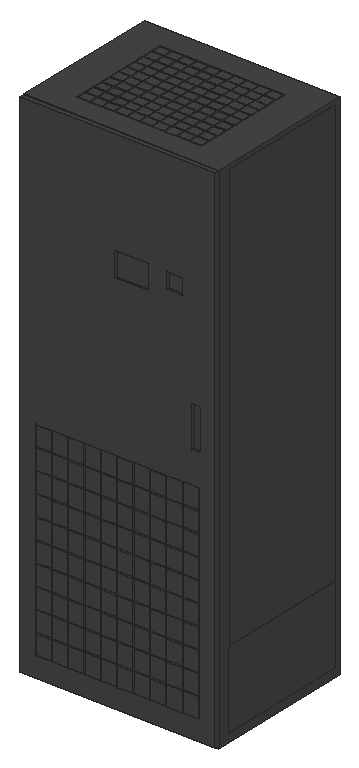
Revit family "OP 71-20", category Modelli generici, Revit 2017 (continued)
Dimensions and locks
  aligned and locked: Extrusion 7 sketch curve to curve 584
  aligned and locked: Extrusion 7 sketch curve to curve 585
  aligned and locked: Extrusion 7 sketch curve to curve 586
  aligned and locked: Extrusion 7 sketch curve to curve 587
  aligned and locked: Extrusion 7 sketch curve to curve 588
  aligned and locked: Extrusion 7 sketch curve to curve 589
  aligned and locked: Extrusion 7 sketch curve to curve 590
  aligned and locked: Extrusion 7 sketch curve to curve 591
  aligned and locked: Extrusion 7 sketch curve to curve 592
  aligned and locked: Extrusion 7 sketch curve to curve 593
  aligned and locked: Extrusion 7 sketch curve to curve 594
  aligned and locked: Extrusion 7 sketch curve to curve 595
  aligned and locked: Extrusion 7 sketch curve to curve 596
  aligned and locked: Extrusion 7 sketch curve to curve 597
  aligned and locked: Extrusion 7 sketch curve to curve 598
  aligned and locked: Extrusion 7 sketch curve to curve 599
  aligned and locked: Extrusion 7 sketch curve to curve 600
  aligned and locked: Extrusion 7 sketch curve to curve 601
  aligned and locked: Extrusion 7 sketch curve to curve 602
  aligned and locked: Extrusion 7 sketch curve to curve 603
  aligned and locked: Extrusion 7 sketch curve to curve 604
  aligned and locked: Extrusion 7 sketch curve to curve 605
  aligned and locked: Extrusion 7 sketch curve to curve 606
  aligned and locked: Extrusion 7 sketch curve to curve 607
  aligned and locked: Extrusion 7 sketch curve to curve 608
  aligned and locked: Extrusion 7 sketch curve to curve 609
  aligned and locked: Extrusion 7 sketch curve to curve 610
  aligned and locked: Extrusion 7 sketch curve to curve 611
  aligned and locked: Extrusion 7 sketch curve to curve 612
  aligned and locked: Extrusion 7 sketch curve to curve 613
  aligned and locked: Extrusion 7 sketch curve to curve 614
  aligned and locked: Extrusion 7 sketch curve to curve 615
  aligned and locked: Extrusion 7 sketch curve to curve 616
  aligned and locked: Extrusion 7 sketch curve to curve 617
  aligned and locked: Extrusion 7 sketch curve to curve 618
  aligned and locked: Extrusion 7 sketch curve to curve 619
  aligned and locked: Extrusion 7 sketch curve to curve 620
  aligned and locked: Extrusion 7 sketch curve to curve 621
  aligned and locked: Extrusion 7 sketch curve to curve 622
  aligned and locked: Extrusion 7 sketch curve to curve 623
  aligned and locked: Extrusion 7 sketch curve to curve 624
  aligned and locked: Extrusion 7 sketch curve to curve 625
  aligned and locked: Extrusion 7 sketch curve to curve 626
  aligned and locked: Extrusion 7 sketch curve to curve 627
  aligned and locked: Extrusion 7 sketch curve to curve 628
  aligned and locked: Extrusion 7 sketch curve to curve 629
  aligned and locked: Extrusion 7 sketch curve to curve 630
  aligned and locked: Extrusion 7 sketch curve to curve 631
  aligned and locked: Extrusion 7 sketch curve to curve 632
  aligned and locked: Extrusion 7 sketch curve to curve 633
  aligned and locked: Extrusion 7 sketch curve to curve 634
  aligned and locked: Extrusion 7 sketch curve to curve 635
  aligned and locked: Extrusion 7 sketch curve to curve 636
  aligned and locked: Extrusion 7 sketch curve to curve 637
  aligned and locked: Extrusion 7 sketch curve to curve 638
  aligned and locked: Extrusion 7 sketch curve to curve 639
  aligned and locked: Extrusion 7 sketch curve to curve 640
  aligned and locked: Extrusion 7 sketch curve to curve 641
  aligned and locked: Extrusion 7 sketch curve to curve 642
  aligned and locked: Extrusion 7 sketch curve to curve 643
  aligned and locked: Extrusion 7 sketch curve to curve 644
  aligned and locked: Extrusion 7 sketch curve to curve 645
  aligned and locked: Extrusion 7 sketch curve to curve 646
  aligned and locked: Extrusion 7 sketch curve to curve 647
  aligned and locked: Extrusion 7 sketch curve to curve 648
  aligned and locked: Extrusion 7 sketch curve to curve 649
  aligned and locked: Extrusion 7 sketch curve to curve 650
  aligned and locked: Extrusion 7 sketch curve to curve 651
  aligned and locked: Extrusion 7 sketch curve to curve 652
  aligned and locked: Extrusion 7 sketch curve to curve 653
  aligned and locked: Extrusion 7 sketch curve to curve 654
  aligned and locked: Extrusion 7 sketch curve to curve 655
  aligned and locked: Extrusion 7 sketch curve to curve 656
  aligned and locked: Extrusion 7 sketch curve to curve 657
  aligned and locked: Extrusion 7 sketch curve to curve 658
  aligned and locked: Extrusion 7 sketch curve to curve 659
  aligned and locked: Extrusion 7 sketch curve to curve 660
  aligned and locked: Extrusion 7 sketch curve to curve 661
  aligned and locked: Extrusion 7 sketch curve to curve 662
  aligned and locked: Extrusion 7 sketch curve to curve 663
  aligned and locked: Extrusion 7 sketch curve to curve 664
  aligned and locked: Extrusion 7 sketch curve to curve 665
  aligned and locked: Extrusion 7 sketch curve to curve 666
  aligned and locked: Extrusion 7 sketch curve to curve 667
  aligned and locked: Extrusion 7 sketch curve to curve 668
  aligned and locked: Extrusion 7 sketch curve to curve 669
  aligned and locked: Extrusion 7 sketch curve to curve 670
  aligned and locked: Extrusion 7 sketch curve to curve 671
  aligned and locked: Extrusion 7 sketch curve to curve 672
  aligned and locked: Extrusion 7 sketch curve to curve 673
  aligned and locked: Extrusion 7 sketch curve to curve 674
  aligned and locked: Extrusion 7 sketch curve to curve 675
  aligned and locked: Extrusion 7 sketch curve to curve 676
  aligned and locked: Extrusion 7 sketch curve to curve 677
  aligned and locked: Extrusion 7 sketch curve to curve 678
  aligned and locked: Extrusion 7 sketch curve to curve 679
  aligned and locked: Extrusion 7 sketch curve to curve 680
  aligned and locked: Extrusion 7 sketch curve to curve 681
  aligned and locked: Extrusion 7 sketch curve to curve 682
  aligned and locked: Extrusion 7 sketch curve to curve 683
  aligned and locked: Extrusion 7 sketch curve to curve 684
  aligned and locked: Extrusion 7 sketch curve to curve 685
  aligned and locked: Extrusion 7 sketch curve to curve 686
  aligned and locked: Extrusion 7 sketch curve to curve 687
  aligned and locked: Extrusion 7 sketch curve to curve 688
  aligned and locked: Extrusion 7 sketch curve to curve 689
  aligned and locked: Extrusion 7 sketch curve to curve 690
  aligned and locked: Extrusion 7 sketch curve to curve 691
  aligned and locked: Extrusion 7 sketch curve to curve 692
  aligned and locked: Extrusion 7 sketch curve to curve 693
  aligned and locked: Extrusion 7 sketch curve to curve 694
  aligned and locked: Extrusion 7 sketch curve to curve 695
  aligned and locked: Extrusion 7 sketch curve to curve 696
  aligned and locked: Extrusion 7 sketch curve to curve 697
  aligned and locked: Extrusion 7 sketch curve to curve 698
  aligned and locked: Extrusion 7 sketch curve to curve 699
  aligned and locked: Extrusion 7 sketch curve to curve 700
  aligned and locked: Extrusion 7 sketch curve to curve 701
  aligned and locked: Extrusion 7 sketch curve to curve 702
  aligned and locked: Extrusion 7 sketch curve to curve 703
  aligned and locked: Extrusion 7 sketch curve to curve 704
  aligned and locked: Extrusion 7 sketch curve to curve 705
  aligned and locked: Extrusion 7 sketch curve to curve 706
  aligned and locked: Extrusion 7 sketch curve to curve 707
  aligned and locked: Extrusion 7 sketch curve to curve 708
  aligned and locked: Extrusion 7 sketch curve to curve 709
  aligned and locked: Extrusion 7 sketch curve to curve 710
  aligned and locked: Extrusion 7 sketch curve to curve 711
  aligned and locked: Extrusion 7 sketch curve to curve 712
  aligned and locked: Extrusion 7 sketch curve to curve 713
  aligned and locked: Extrusion 7 sketch curve to curve 714
  aligned and locked: Extrusion 7 sketch curve to curve 715
  aligned and locked: Extrusion 7 sketch curve to curve 716
  aligned and locked: Extrusion 7 sketch curve to curve 717
  aligned and locked: Extrusion 7 sketch curve to curve 718
  aligned and locked: Extrusion 7 sketch curve to curve 719
  aligned and locked: Extrusion 7 sketch curve to curve 720
  aligned and locked: Extrusion 7 sketch curve to curve 721
  aligned and locked: Extrusion 7 sketch curve to curve 722
  aligned and locked: Extrusion 7 sketch curve to curve 723
  aligned and locked: Extrusion 7 sketch curve to curve 724
  aligned and locked: Extrusion 7 sketch curve to curve 725
  aligned and locked: Extrusion 7 sketch curve to curve 726
  aligned and locked: Extrusion 7 sketch curve to curve 727
  aligned and locked: Extrusion 7 sketch curve to curve 728
  aligned and locked: Extrusion 7 sketch curve to curve 729
  aligned and locked: Extrusion 7 sketch curve to curve 730
  aligned and locked: Extrusion 7 sketch curve to curve 731
  aligned and locked: Extrusion 7 sketch curve to curve 732
  aligned and locked: Extrusion 7 sketch curve to curve 733
  aligned and locked: Extrusion 7 sketch curve to curve 734
  aligned and locked: Extrusion 7 sketch curve to curve 735
  aligned and locked: Extrusion 7 sketch curve to curve 736
  aligned and locked: Extrusion 7 sketch curve to curve 737
  aligned and locked: Extrusion 7 sketch curve to curve 738
  aligned and locked: Extrusion 7 sketch curve to curve 739
  aligned and locked: Extrusion 7 sketch curve to curve 740
  aligned and locked: Extrusion 7 sketch curve to curve 741
  aligned and locked: Extrusion 7 sketch curve to curve 742
  aligned and locked: Extrusion 7 sketch curve to curve 743
  aligned and locked: Extrusion 7 sketch curve to curve 744
  aligned and locked: Extrusion 7 sketch curve to curve 745
  aligned and locked: Extrusion 7 sketch curve to curve 746
  aligned and locked: Extrusion 7 sketch curve to curve 747
  aligned and locked: Extrusion 7 sketch curve to curve 748
  aligned and locked: Extrusion 7 sketch curve to curve 749
  aligned and locked: Extrusion 7 sketch curve to curve 750
  aligned and locked: Extrusion 7 sketch curve to curve 751
  aligned and locked: Extrusion 7 sketch curve to curve 752
  aligned and locked: Extrusion 7 sketch curve to curve 753
  aligned and locked: Extrusion 7 sketch curve to curve 754
  aligned and locked: Extrusion 7 sketch curve to curve 755
  aligned and locked: Extrusion 7 sketch curve to curve 756
  aligned and locked: Extrusion 7 sketch curve to curve 757
  aligned and locked: Extrusion 7 sketch curve to curve 758
  aligned and locked: Extrusion 7 sketch curve to curve 759
  aligned and locked: Extrusion 7 sketch curve to curve 760
  aligned and locked: Extrusion 7 sketch curve to curve 761
  aligned and locked: Extrusion 7 sketch curve to curve 762
  aligned and locked: Extrusion 7 sketch curve to curve 763
  aligned and locked: Extrusion 7 sketch curve to curve 764
  aligned and locked: Extrusion 7 sketch curve to curve 765
  aligned and locked: Extrusion 7 sketch curve to curve 766
  aligned and locked: Extrusion 7 sketch curve to curve 767
  aligned and locked: Extrusion 7 sketch curve to curve 768
  aligned and locked: Extrusion 7 sketch curve to curve 769
  aligned and locked: Extrusion 7 sketch curve to curve 770
  aligned and locked: Extrusion 7 sketch curve to curve 771
  aligned and locked: Extrusion 7 sketch curve to curve 772
  aligned and locked: Extrusion 7 sketch curve to curve 773
  aligned and locked: Extrusion 7 sketch curve to curve 774
  aligned and locked: Extrusion 7 sketch curve to curve 775
  aligned and locked: Extrusion 7 sketch curve to curve 776
  aligned and locked: Extrusion 7 sketch curve to curve 777
  aligned and locked: Extrusion 7 sketch curve to curve 778
  aligned and locked: Extrusion 7 sketch curve to curve 779
  aligned and locked: Extrusion 7 sketch curve to curve 780
  aligned and locked: Extrusion 7 sketch curve to curve 781
  aligned and locked: Extrusion 7 sketch curve to curve 782
  aligned and locked: Extrusion 7 sketch curve to curve 783
  aligned and locked: Extrusion 7 sketch curve to curve 784
  aligned and locked: Extrusion 7 sketch curve to curve 785
  aligned and locked: Extrusion 7 sketch curve to curve 786
  aligned and locked: Extrusion 7 sketch curve to curve 787
  aligned and locked: Extrusion 7 sketch curve to curve 788
  aligned and locked: Extrusion 7 sketch curve to curve 789
  aligned and locked: Extrusion 7 sketch curve to curve 790
  aligned and locked: Extrusion 7 sketch curve to curve 791
  aligned and locked: Extrusion 7 sketch curve to curve 792
  aligned and locked: Extrusion 7 sketch curve to curve 793
  aligned and locked: Extrusion 7 sketch curve to curve 794
  aligned and locked: Extrusion 7 sketch curve to curve 795
  aligned and locked: Extrusion 7 sketch curve to curve 796
  aligned and locked: Extrusion 7 sketch curve to curve 797
  aligned and locked: Extrusion 7 sketch curve to curve 798
  aligned and locked: Extrusion 7 sketch curve to curve 799
  aligned and locked: Extrusion 7 sketch curve to curve 800
  aligned and locked: Extrusion 7 sketch curve to curve 801
  aligned and locked: Extrusion 7 sketch curve to curve 802
  aligned and locked: Extrusion 7 sketch curve to curve 803
  aligned and locked: Extrusion 7 sketch curve to curve 804
  aligned and locked: Extrusion 7 sketch curve to curve 805
  aligned and locked: Extrusion 7 sketch curve to curve 806
  aligned and locked: Extrusion 7 sketch curve to curve 807
  aligned and locked: Extrusion 7 sketch curve to curve 808
  aligned and locked: Extrusion 7 sketch curve to curve 809
  aligned and locked: Extrusion 7 sketch curve to curve 810
  aligned and locked: Extrusion 7 sketch curve to curve 811
  aligned and locked: Extrusion 7 sketch curve to curve 812
  aligned and locked: Extrusion 7 sketch curve to curve 813
  aligned and locked: Extrusion 7 sketch curve to curve 814
  aligned and locked: Extrusion 7 sketch curve to curve 815
  aligned and locked: Extrusion 7 sketch curve to curve 816
  aligned and locked: Extrusion 7 sketch curve to curve 817
  aligned and locked: Extrusion 7 sketch curve to curve 818
  aligned and locked: Extrusion 7 sketch curve to curve 819
  aligned and locked: Extrusion 7 sketch curve to curve 820
  aligned and locked: Extrusion 7 sketch curve to curve 821
  aligned and locked: Extrusion 7 sketch curve to curve 822
  aligned and locked: Extrusion 7 sketch curve to curve 823
  aligned and locked: Extrusion 7 sketch curve to curve 824
  aligned and locked: Extrusion 7 sketch curve to curve 825
  aligned and locked: Extrusion 7 sketch curve to curve 826
  aligned and locked: Extrusion 7 sketch curve to curve 827
  aligned and locked: Extrusion 7 sketch curve to curve 828
  aligned and locked: Extrusion 7 sketch curve to curve 829
  aligned and locked: Extrusion 7 sketch curve to curve 830
  aligned and locked: Extrusion 7 sketch curve to curve 831
  aligned and locked: Extrusion 7 sketch curve to curve 832
  aligned and locked: Extrusion 7 sketch curve to curve 833
  aligned and locked: Extrusion 7 sketch curve to curve 834
  aligned and locked: Extrusion 7 sketch curve to curve 835
  aligned and locked: Extrusion 7 sketch curve to curve 836
  aligned and locked: Extrusion 7 sketch curve to curve 837
  aligned and locked: Extrusion 7 sketch curve to curve 838
  aligned and locked: Extrusion 7 sketch curve to curve 839
  aligned and locked: Extrusion 7 sketch curve to curve 840
  aligned and locked: Extrusion 7 sketch curve to curve 841
  aligned and locked: Extrusion 7 sketch curve to curve 842
  aligned and locked: Extrusion 7 sketch curve to curve 843
  aligned and locked: Extrusion 7 sketch curve to curve 844
Automatic sketch dimensions
  plane 1 "Centro (Fronte/Retro)" to curve 1 = 0 mm
  curve 3 to plane 3 "Centro (Sinistra/Destra)" = 0 mm
  plane 3 "Centro (Sinistra/Destra)" to curve 3 = 750 mm
  curve 4 to plane 1 "Centro (Fronte/Retro)" = 580 mm
  curve 5 to curve 5 = 1990 mm
  curve 6 to curve 6 = 750 mm
  curve 5 to curve 6 = 10 mm
  curve 5 to curve 7 = 0 mm
  curve 9 to curve 10 = 18 mm
  curve 10 to curve 10 = 750 mm
  curve 11 to curve 10 = 18 mm
  curve 10 to curve 11 = 581 mm
  curve 10 to curve 12 = 1 mm
  curve 13 to curve 13 = 1945 mm
  curve 14 to curve 14 = 515 mm
  curve 17 to curve 14 = 2 mm
  curve 13 to curve 18 = 2 mm
  curve 19 to curve 18 = 298 mm
  curve 21 to curve 15 = 2 mm
  curve 22 to curve 19 = 2 mm
  curve 22 to curve 19 = 0 mm
  curve 13 to curve 23 = 2 mm
  curve 25 to curve 9 = 95 mm
  curve 25 to curve 12 = 135 mm
  curve 12 to curve 26 = 85 mm
  curve 12 to curve 26 = 135 mm
  curve 27 to curve 11 = 95 mm
  curve 29 to curve 25 = 2.5 mm  (x2)
  curve 29 to curve 25 = 45.5 mm
  curve 30 to curve 29 = 35 mm
  curve 29 to curve 33 = 0 mm
  curve 33 to curve 29 = 48 mm
  curve 33 to curve 29 = 5 mm
  curve 30 to curve 34 = 0 mm
  curve 33 to curve 37 = 0 mm
  curve 37 to curve 33 = 48 mm
  curve 37 to curve 33 = 5 mm
  curve 35 to curve 38 = 0 mm
  curve 37 to curve 41 = 0 mm
  curve 41 to curve 37 = 48 mm
  curve 39 to curve 42 = 0 mm
  curve 42 to curve 39 = 5 mm
  curve 41 to curve 45 = 0 mm
  curve 45 to curve 41 = 48 mm
  curve 45 to curve 41 = 5 mm
  curve 43 to curve 46 = 0 mm
  curve 45 to curve 49 = 0 mm
  curve 49 to curve 45 = 48 mm
  curve 49 to curve 45 = 5 mm
  curve 47 to curve 50 = 0 mm
  curve 49 to curve 53 = 0 mm
  curve 53 to curve 49 = 48 mm
  curve 53 to curve 49 = 5 mm
  curve 51 to curve 54 = 0 mm
  curve 53 to curve 57 = 0 mm
  curve 57 to curve 53 = 48 mm
  curve 57 to curve 53 = 5 mm
  curve 55 to curve 58 = 0 mm
  curve 57 to curve 61 = 0 mm
  curve 61 to curve 57 = 48 mm
  curve 61 to curve 57 = 5 mm
  curve 59 to curve 62 = 0 mm
  curve 65 to curve 27 = 2.5 mm
  curve 27 to curve 65 = 2.5 mm
  curve 63 to curve 66 = 0 mm
  curve 66 to curve 63 = 5 mm
  curve 69 to curve 31 = 5 mm
  curve 69 to curve 30 = 0 mm
  curve 69 to curve 31 = 0 mm
  curve 69 to curve 73 = 0 mm
  curve 73 to curve 35 = 0 mm
  curve 73 to curve 69 = 5 mm
  curve 71 to curve 74 = 0 mm
  curve 75 to curve 73 = 35 mm
  curve 73 to curve 77 = 0 mm
  curve 77 to curve 39 = 0 mm
  curve 75 to curve 78 = 0 mm
  curve 81 to curve 43 = 5 mm
  curve 81 to curve 43 = 0 mm
  curve 79 to curve 82 = 0 mm
  curve 81 to curve 85 = 0 mm
  curve 85 to curve 47 = 0 mm
  curve 83 to curve 86 = 0 mm
  curve 86 to curve 83 = 5 mm
  curve 89 to curve 51 = 5 mm
  curve 89 to curve 51 = 0 mm
  curve 89 to curve 85 = 5 mm
  curve 87 to curve 90 = 0 mm
  curve 89 to curve 93 = 0 mm
  curve 93 to curve 55 = 0 mm
  curve 93 to curve 89 = 5 mm
  curve 91 to curve 94 = 0 mm
  curve 93 to curve 97 = 0 mm
  curve 97 to curve 59 = 0 mm
  curve 95 to curve 98 = 0 mm
  curve 98 to curve 95 = 5 mm
  curve 97 to curve 101 = 0 mm
  curve 101 to curve 63 = 0 mm
  curve 101 to curve 97 = 5 mm
  curve 99 to curve 102 = 0 mm
  curve 105 to curve 67 = 5 mm
  curve 105 to curve 67 = 0 mm
  curve 103 to curve 106 = 0 mm
  curve 106 to curve 103 = 5 mm
  curve 109 to curve 70 = 5 mm
  curve 109 to curve 71 = 0 mm
  curve 109 to curve 70 = 0 mm
  curve 109 to curve 113 = 0 mm
  curve 113 to curve 75 = 0 mm
  curve 113 to curve 109 = 5 mm
  curve 111 to curve 114 = 0 mm
  curve 115 to curve 113 = 35 mm
  curve 117 to curve 79 = 5 mm
  curve 117 to curve 79 = 0 mm
  curve 117 to curve 78 = 0 mm
  curve 115 to curve 118 = 0 mm
  curve 121 to curve 82 = 5 mm
  curve 121 to curve 83 = 0 mm
  curve 121 to curve 82 = 0 mm
  curve 119 to curve 122 = 0 mm
  curve 122 to curve 119 = 5 mm
  curve 125 to curve 87 = 5 mm
  curve 125 to curve 87 = 0 mm
  curve 123 to curve 126 = 0 mm
  curve 126 to curve 123 = 5 mm
  curve 125 to curve 129 = 0 mm
  curve 129 to curve 91 = 0 mm
  curve 129 to curve 125 = 5 mm
  curve 127 to curve 130 = 0 mm
  curve 133 to curve 95 = 5 mm
  curve 133 to curve 95 = 0 mm
  curve 133 to curve 129 = 5 mm
  curve 131 to curve 134 = 0 mm
  curve 133 to curve 137 = 0 mm
  curve 137 to curve 99 = 0 mm
  curve 135 to curve 138 = 0 mm
  curve 138 to curve 135 = 5 mm
  curve 141 to curve 103 = 5 mm
  curve 141 to curve 103 = 0 mm
  curve 139 to curve 142 = 0 mm
  curve 142 to curve 139 = 5 mm
  curve 141 to curve 145 = 0 mm
  curve 145 to curve 107 = 0 mm
  curve 143 to curve 146 = 0 mm
  curve 146 to curve 143 = 5 mm
  curve 149 to curve 110 = 5 mm
  curve 149 to curve 111 = 0 mm
  curve 149 to curve 110 = 0 mm
  curve 150 to curve 149 = 35 mm
  curve 149 to curve 153 = 0 mm
  curve 153 to curve 115 = 0 mm
  curve 151 to curve 154 = 0 mm
  curve 154 to curve 151 = 5 mm
  curve 157 to curve 119 = 5 mm
  curve 157 to curve 119 = 0 mm
  curve 157 to curve 118 = 0 mm
  curve 155 to curve 158 = 0 mm
  curve 161 to curve 122 = 5 mm
  curve 161 to curve 123 = 0 mm
  curve 161 to curve 122 = 0 mm
  curve 159 to curve 162 = 0 mm
  curve 165 to curve 127 = 5 mm
  curve 165 to curve 127 = 0 mm
  curve 165 to curve 161 = 5 mm
  curve 163 to curve 166 = 0 mm
  curve 165 to curve 169 = 0 mm
  curve 169 to curve 131 = 0 mm
  curve 169 to curve 165 = 5 mm
  curve 167 to curve 170 = 0 mm
  curve 173 to curve 135 = 5 mm
  curve 173 to curve 135 = 0 mm
  curve 173 to curve 169 = 5 mm
  curve 171 to curve 174 = 0 mm
  curve 173 to curve 177 = 0 mm
  curve 177 to curve 139 = 0 mm
  curve 177 to curve 173 = 5 mm
  curve 175 to curve 178 = 0 mm
  curve 181 to curve 143 = 5 mm
  curve 181 to curve 143 = 0 mm
  curve 181 to curve 177 = 5 mm
  curve 179 to curve 182 = 0 mm
  curve 181 to curve 185 = 0 mm
  curve 185 to curve 147 = 0 mm
  curve 183 to curve 186 = 0 mm
  curve 186 to curve 183 = 5 mm
  curve 189 to curve 150 = 5 mm
  curve 189 to curve 151 = 0 mm
  curve 189 to curve 150 = 0 mm
  curve 190 to curve 189 = 35 mm
  curve 189 to curve 193 = 0 mm
  curve 193 to curve 155 = 0 mm
  curve 191 to curve 194 = 0 mm
  curve 194 to curve 191 = 5 mm
  curve 197 to curve 159 = 5 mm
  curve 197 to curve 159 = 0 mm
  curve 197 to curve 158 = 0 mm
  curve 195 to curve 198 = 0 mm
  curve 201 to curve 162 = 5 mm
  curve 201 to curve 163 = 0 mm
  curve 201 to curve 162 = 0 mm
  curve 199 to curve 202 = 0 mm
  curve 205 to curve 167 = 5 mm
  curve 205 to curve 167 = 0 mm
  curve 203 to curve 206 = 0 mm
  curve 206 to curve 203 = 5 mm
  curve 205 to curve 209 = 0 mm
  curve 209 to curve 171 = 0 mm
  curve 209 to curve 205 = 5 mm
  curve 207 to curve 210 = 0 mm
  curve 213 to curve 175 = 5 mm
  curve 213 to curve 175 = 0 mm
  curve 213 to curve 209 = 5 mm
  curve 211 to curve 214 = 0 mm
  curve 213 to curve 217 = 0 mm
  curve 217 to curve 179 = 0 mm
  curve 217 to curve 213 = 5 mm
  curve 215 to curve 218 = 0 mm
  curve 221 to curve 183 = 5 mm
  curve 221 to curve 183 = 0 mm
  curve 221 to curve 217 = 5 mm
  curve 219 to curve 222 = 0 mm
  curve 221 to curve 225 = 0 mm
  curve 225 to curve 187 = 0 mm
  curve 223 to curve 226 = 0 mm
  curve 226 to curve 223 = 5 mm
  curve 229 to curve 190 = 5 mm
  curve 229 to curve 191 = 0 mm
  curve 229 to curve 190 = 0 mm
  curve 230 to curve 229 = 35 mm
  curve 229 to curve 233 = 0 mm
  curve 233 to curve 195 = 0 mm
  curve 231 to curve 234 = 0 mm
  curve 237 to curve 199 = 5 mm
  curve 237 to curve 199 = 0 mm
  curve 237 to curve 198 = 0 mm
  curve 235 to curve 238 = 0 mm
  curve 241 to curve 202 = 5 mm
  curve 241 to curve 203 = 0 mm
  curve 241 to curve 202 = 0 mm
  curve 239 to curve 242 = 0 mm
  curve 245 to curve 207 = 5 mm
  curve 245 to curve 207 = 0 mm
  curve 245 to curve 241 = 5 mm
  curve 243 to curve 246 = 0 mm
  curve 245 to curve 249 = 0 mm
  curve 249 to curve 211 = 0 mm
  curve 249 to curve 245 = 5 mm
  curve 247 to curve 250 = 0 mm
  curve 253 to curve 215 = 5 mm
  curve 253 to curve 215 = 0 mm
  curve 253 to curve 249 = 5 mm
  curve 251 to curve 254 = 0 mm
  curve 253 to curve 257 = 0 mm
  curve 257 to curve 219 = 0 mm
  curve 257 to curve 253 = 5 mm
  curve 255 to curve 258 = 0 mm
  curve 261 to curve 223 = 5 mm
  curve 261 to curve 223 = 0 mm
  curve 261 to curve 257 = 5 mm
  curve 259 to curve 262 = 0 mm
  curve 261 to curve 265 = 0 mm
  curve 265 to curve 227 = 0 mm
  curve 263 to curve 266 = 0 mm
  curve 266 to curve 263 = 5 mm
  curve 269 to curve 230 = 5 mm
  curve 269 to curve 231 = 0 mm
  curve 269 to curve 230 = 0 mm
  curve 270 to curve 269 = 35 mm
  curve 273 to curve 234 = 5 mm
  curve 273 to curve 235 = 0 mm
  curve 273 to curve 234 = 0 mm
  curve 271 to curve 274 = 0 mm
  curve 274 to curve 271 = 5 mm
  curve 277 to curve 239 = 5 mm
  curve 277 to curve 239 = 0 mm
  curve 277 to curve 238 = 0 mm
  curve 275 to curve 278 = 0 mm
  curve 281 to curve 242 = 5 mm
  curve 281 to curve 243 = 0 mm
  curve 281 to curve 242 = 0 mm
  curve 279 to curve 282 = 0 mm
  curve 285 to curve 247 = 5 mm
  curve 285 to curve 247 = 0 mm
  curve 285 to curve 281 = 5 mm
  curve 283 to curve 286 = 0 mm
  curve 285 to curve 289 = 0 mm
  curve 289 to curve 251 = 0 mm
  curve 289 to curve 285 = 5 mm
  curve 287 to curve 290 = 0 mm
  curve 293 to curve 255 = 5 mm
  curve 293 to curve 255 = 0 mm
  curve 291 to curve 294 = 0 mm
  curve 294 to curve 291 = 5 mm
  curve 293 to curve 297 = 0 mm
  curve 297 to curve 259 = 0 mm
  curve 297 to curve 293 = 5 mm
  curve 295 to curve 298 = 0 mm
  curve 301 to curve 263 = 5 mm
  curve 301 to curve 263 = 0 mm
  curve 301 to curve 297 = 5 mm
  curve 299 to curve 302 = 0 mm
  curve 301 to curve 305 = 0 mm
  curve 305 to curve 267 = 0 mm
  curve 305 to curve 301 = 5 mm
  curve 303 to curve 306 = 0 mm
  curve 309 to curve 270 = 5 mm
  curve 309 to curve 271 = 0 mm
  curve 309 to curve 270 = 0 mm
  curve 310 to curve 309 = 35 mm
  curve 313 to curve 274 = 5 mm
  curve 313 to curve 275 = 0 mm
  curve 313 to curve 274 = 0 mm
  curve 311 to curve 314 = 0 mm
  curve 317 to curve 279 = 5 mm
  curve 317 to curve 279 = 0 mm
  curve 317 to curve 278 = 0 mm
  curve 315 to curve 318 = 0 mm
  curve 321 to curve 282 = 5 mm
  curve 321 to curve 283 = 0 mm
  curve 321 to curve 282 = 0 mm
  curve 319 to curve 322 = 0 mm
  curve 325 to curve 287 = 5 mm
  curve 325 to curve 287 = 0 mm
  curve 323 to curve 326 = 0 mm
  curve 326 to curve 323 = 5 mm
  curve 325 to curve 329 = 0 mm
  curve 329 to curve 291 = 0 mm
  curve 329 to curve 325 = 5 mm
  curve 327 to curve 330 = 0 mm
  curve 333 to curve 295 = 5 mm
  curve 333 to curve 295 = 0 mm
  curve 333 to curve 329 = 5 mm
  curve 331 to curve 334 = 0 mm
  curve 333 to curve 337 = 0 mm
  curve 337 to curve 299 = 0 mm
  curve 337 to curve 333 = 5 mm
  curve 335 to curve 338 = 0 mm
  curve 341 to curve 303 = 5 mm
  curve 341 to curve 303 = 0 mm
  curve 341 to curve 337 = 5 mm
  curve 339 to curve 342 = 0 mm
  curve 341 to curve 345 = 0 mm
  curve 345 to curve 307 = 0 mm
  curve 345 to curve 341 = 5 mm
  curve 343 to curve 346 = 0 mm
  curve 349 to curve 310 = 5 mm
  curve 349 to curve 311 = 0 mm
  curve 349 to curve 310 = 0 mm
  curve 350 to curve 349 = 35 mm
  curve 353 to curve 314 = 5 mm
  curve 353 to curve 315 = 0 mm
  curve 353 to curve 314 = 0 mm
  curve 351 to curve 354 = 0 mm
  curve 357 to curve 319 = 5 mm
  curve 357 to curve 319 = 0 mm
  curve 357 to curve 318 = 0 mm
  curve 355 to curve 358 = 0 mm
  curve 361 to curve 322 = 5 mm
  curve 361 to curve 323 = 0 mm
  curve 361 to curve 322 = 0 mm
  curve 359 to curve 362 = 0 mm
  curve 365 to curve 327 = 5 mm
  curve 365 to curve 327 = 0 mm
  curve 365 to curve 361 = 5 mm
  curve 363 to curve 366 = 0 mm
  curve 365 to curve 369 = 0 mm
  curve 369 to curve 331 = 0 mm
  curve 369 to curve 365 = 5 mm
  curve 367 to curve 370 = 0 mm
  curve 373 to curve 335 = 5 mm
  curve 373 to curve 335 = 0 mm
  curve 373 to curve 369 = 5 mm
  curve 371 to curve 374 = 0 mm
  curve 373 to curve 377 = 0 mm
  curve 377 to curve 339 = 0 mm
  curve 375 to curve 378 = 0 mm
  curve 378 to curve 375 = 5 mm
  curve 381 to curve 343 = 5 mm
  curve 381 to curve 343 = 0 mm
  curve 381 to curve 377 = 5 mm
  curve 379 to curve 382 = 0 mm
  curve 381 to curve 385 = 0 mm
  curve 385 to curve 347 = 0 mm
  curve 385 to curve 381 = 5 mm
  curve 383 to curve 386 = 0 mm
  curve 389 to curve 350 = 5 mm
  curve 389 to curve 351 = 0 mm
  curve 389 to curve 350 = 0 mm
  curve 25 to curve 390 = 2.5 mm
  curve 393 to curve 354 = 5 mm
  curve 393 to curve 355 = 0 mm
  curve 393 to curve 354 = 0 mm
  curve 391 to curve 394 = 0 mm
  curve 397 to curve 359 = 5 mm
  curve 397 to curve 359 = 0 mm
  curve 397 to curve 358 = 0 mm
  curve 395 to curve 398 = 0 mm
  curve 398 to curve 395 = 5 mm
  curve 401 to curve 362 = 5 mm
  curve 401 to curve 363 = 0 mm
  curve 401 to curve 362 = 0 mm
  curve 399 to curve 402 = 0 mm
  curve 405 to curve 367 = 5 mm
  curve 405 to curve 367 = 0 mm
  curve 405 to curve 401 = 5 mm
  curve 403 to curve 406 = 0 mm
  curve 405 to curve 409 = 0 mm
  curve 409 to curve 371 = 0 mm
  curve 409 to curve 405 = 5 mm
  curve 407 to curve 410 = 0 mm
  curve 413 to curve 375 = 5 mm
  curve 413 to curve 375 = 0 mm
  curve 411 to curve 414 = 0 mm
  curve 414 to curve 411 = 5 mm
  curve 413 to curve 417 = 0 mm
  curve 417 to curve 379 = 0 mm
  curve 417 to curve 413 = 5 mm
  curve 415 to curve 418 = 0 mm
  curve 421 to curve 383 = 5 mm
  curve 421 to curve 383 = 0 mm
  curve 421 to curve 417 = 5 mm
  curve 419 to curve 422 = 0 mm
  curve 421 to curve 425 = 0 mm
  curve 425 to curve 387 = 0 mm
  curve 423 to curve 426 = 0 mm
  curve 426 to curve 423 = 5 mm
  curve 429 to curve 429 = 62 mm
  curve 429 to curve 430 = 62 mm
  curve 429 to curve 433 = 33 mm
  curve 433 to curve 433 = 35 mm
  curve 433 to curve 429 = 519.5 mm
  curve 433 to curve 434 = 160 mm
  curve 437 to curve 431 = 71 mm
  curve 437 to curve 429 = 32.5 mm
  curve 431 to curve 437 = 3.5 mm
  curve 438 to curve 437 = 131 mm
  curve 441 to curve 433 = 5 mm
  curve 441 to curve 433 = 121 mm
  curve 442 to curve 441 = 800 mm
  curve 441 to curve 445 = 2.5 mm
  curve 445 to curve 441 = 2.5 mm
  curve 446 to curve 445 = 75 mm
  curve 447 to curve 446 = 58 mm
  curve 449 to curve 449 = 58 mm
  curve 449 to curve 445 = 0 mm
  curve 450 to curve 446 = 0 mm
  curve 453 to curve 453 = 58 mm
  curve 453 to curve 449 = 0 mm
  curve 454 to curve 450 = 0 mm
  curve 457 to curve 457 = 58 mm
  curve 457 to curve 453 = 0 mm
  curve 458 to curve 454 = 0 mm
  curve 461 to curve 461 = 58 mm
  curve 461 to curve 457 = 0 mm
  curve 463 to curve 458 = 0 mm
  curve 461 to curve 465 = 5 mm
  curve 465 to curve 465 = 58 mm
  curve 465 to curve 461 = 0 mm
  curve 466 to curve 462 = 0 mm
  curve 465 to curve 469 = 5 mm
  curve 469 to curve 469 = 58 mm
  curve 469 to curve 465 = 0 mm
  curve 471 to curve 466 = 0 mm
  curve 473 to curve 473 = 58 mm
  curve 473 to curve 469 = 0 mm
  curve 474 to curve 470 = 0 mm
  curve 477 to curve 477 = 58 mm
  curve 477 to curve 473 = 0 mm
  curve 479 to curve 474 = 0 mm
  curve 477 to curve 481 = 5 mm
  curve 481 to curve 441 = 2.5 mm  (x2)
  curve 482 to curve 478 = 0 mm
  curve 447 to curve 485 = 0 mm
  curve 446 to curve 485 = 0 mm
  curve 485 to curve 447 = 5 mm
  curve 486 to curve 485 = 75 mm
  curve 451 to curve 489 = 0 mm
  curve 450 to curve 489 = 0 mm
  curve 489 to curve 451 = 5 mm
  curve 490 to curve 486 = 0 mm
  curve 455 to curve 493 = 0 mm
  curve 454 to curve 493 = 0 mm
  curve 493 to curve 455 = 5 mm
  curve 494 to curve 490 = 0 mm
  curve 459 to curve 497 = 0 mm
  curve 458 to curve 497 = 0 mm
  curve 497 to curve 459 = 5 mm
  curve 498 to curve 494 = 0 mm
  curve 463 to curve 501 = 0 mm
  curve 462 to curve 501 = 0 mm
  curve 501 to curve 463 = 5 mm
  curve 502 to curve 498 = 0 mm
  curve 467 to curve 505 = 0 mm
  curve 466 to curve 505 = 0 mm
  curve 505 to curve 466 = 5 mm
  curve 506 to curve 502 = 0 mm
  curve 471 to curve 509 = 0 mm
  curve 470 to curve 509 = 0 mm
  curve 509 to curve 471 = 5 mm
  curve 510 to curve 506 = 0 mm
  curve 475 to curve 513 = 0 mm
  curve 474 to curve 513 = 0 mm
  curve 513 to curve 475 = 5 mm
  curve 514 to curve 510 = 0 mm
  curve 510 to curve 515 = 5 mm
  curve 479 to curve 517 = 0 mm
  curve 478 to curve 517 = 0 mm
  curve 517 to curve 479 = 5 mm
  curve 518 to curve 514 = 0 mm
  curve 514 to curve 519 = 5 mm
  curve 483 to curve 521 = 0 mm
  curve 482 to curve 521 = 0 mm
  curve 521 to curve 482 = 5 mm
  curve 522 to curve 518 = 0 mm
  curve 487 to curve 525 = 0 mm
  curve 486 to curve 525 = 0 mm
  curve 525 to curve 487 = 5 mm
  curve 526 to curve 525 = 75 mm
  curve 491 to curve 529 = 0 mm
  curve 490 to curve 529 = 0 mm
  curve 529 to curve 491 = 5 mm
  curve 530 to curve 526 = 0 mm
  curve 495 to curve 533 = 0 mm
  curve 494 to curve 533 = 0 mm
  curve 533 to curve 495 = 5 mm
  curve 534 to curve 530 = 0 mm
  curve 499 to curve 537 = 0 mm
  curve 498 to curve 537 = 0 mm
  curve 537 to curve 499 = 5 mm
  curve 538 to curve 534 = 0 mm
  curve 503 to curve 541 = 0 mm
  curve 502 to curve 541 = 0 mm
  curve 541 to curve 502 = 5 mm
  curve 542 to curve 538 = 0 mm
  curve 538 to curve 543 = 5 mm
  curve 507 to curve 545 = 0 mm
  curve 506 to curve 545 = 0 mm
  curve 545 to curve 507 = 5 mm
  curve 546 to curve 542 = 0 mm
  curve 511 to curve 549 = 0 mm
  curve 510 to curve 549 = 0 mm
  curve 549 to curve 510 = 5 mm
  curve 550 to curve 546 = 0 mm
  curve 515 to curve 553 = 0 mm
  curve 514 to curve 553 = 0 mm
  curve 553 to curve 515 = 5 mm
  curve 554 to curve 550 = 0 mm
  curve 519 to curve 557 = 0 mm
  curve 518 to curve 557 = 0 mm
  curve 557 to curve 519 = 5 mm
  curve 558 to curve 554 = 0 mm
  curve 523 to curve 561 = 0 mm
  curve 522 to curve 561 = 0 mm
  curve 561 to curve 522 = 5 mm
  curve 562 to curve 558 = 0 mm
  curve 527 to curve 565 = 0 mm
  curve 526 to curve 565 = 0 mm
  curve 565 to curve 527 = 5 mm
  curve 566 to curve 565 = 75 mm
  curve 531 to curve 569 = 0 mm
  curve 530 to curve 569 = 0 mm
  curve 569 to curve 531 = 5 mm
  curve 570 to curve 566 = 0 mm
  curve 566 to curve 571 = 5 mm
  curve 535 to curve 573 = 0 mm
  curve 534 to curve 573 = 0 mm
  curve 573 to curve 535 = 5 mm
  curve 574 to curve 570 = 0 mm
  curve 570 to curve 575 = 5 mm
  curve 539 to curve 577 = 0 mm
  curve 538 to curve 577 = 0 mm
  curve 577 to curve 539 = 5 mm
  curve 578 to curve 574 = 0 mm
  curve 574 to curve 579 = 5 mm
  curve 543 to curve 581 = 0 mm
  curve 542 to curve 581 = 0 mm
  curve 581 to curve 542 = 5 mm
  curve 582 to curve 578 = 0 mm
  curve 581 to curve 585 = 5 mm
  curve 546 to curve 585 = 0 mm
  curve 585 to curve 581 = 0 mm
  curve 586 to curve 582 = 0 mm
  curve 585 to curve 589 = 5 mm
  curve 550 to curve 589 = 0 mm
  curve 589 to curve 550 = 5 mm
  curve 590 to curve 586 = 0 mm
  curve 589 to curve 593 = 5 mm
  curve 554 to curve 593 = 0 mm
  curve 593 to curve 589 = 0 mm
  curve 594 to curve 590 = 0 mm
  curve 558 to curve 597 = 0 mm
  curve 597 to curve 593 = 0 mm
  curve 598 to curve 594 = 0 mm
  curve 594 to curve 599 = 5 mm
  curve 562 to curve 601 = 0 mm
  curve 601 to curve 562 = 5 mm
  curve 602 to curve 598 = 0 mm
  curve 567 to curve 605 = 0 mm
  curve 566 to curve 605 = 0 mm
  curve 605 to curve 567 = 5 mm
  curve 606 to curve 605 = 75 mm
  curve 570 to curve 609 = 0 mm
  curve 609 to curve 605 = 0 mm
  curve 610 to curve 606 = 0 mm
  curve 606 to curve 611 = 5 mm
  curve 574 to curve 613 = 0 mm
  curve 613 to curve 609 = 0 mm
  curve 614 to curve 610 = 0 mm
  curve 610 to curve 615 = 5 mm
  curve 613 to curve 617 = 5 mm
  curve 578 to curve 617 = 0 mm
  curve 617 to curve 613 = 0 mm
  curve 618 to curve 614 = 0 mm
  curve 582 to curve 621 = 0 mm
  curve 621 to curve 582 = 5 mm
  curve 622 to curve 618 = 0 mm
  curve 618 to curve 623 = 5 mm
  curve 621 to curve 625 = 5 mm
  curve 586 to curve 625 = 0 mm
  curve 625 to curve 621 = 0 mm
  curve 626 to curve 622 = 0 mm
  curve 625 to curve 629 = 5 mm
  curve 590 to curve 629 = 0 mm
  curve 629 to curve 590 = 5 mm
  curve 630 to curve 626 = 0 mm
  curve 595 to curve 633 = 0 mm
  curve 594 to curve 633 = 0 mm
  curve 633 to curve 595 = 5 mm
  curve 634 to curve 630 = 0 mm
  curve 599 to curve 637 = 0 mm
  curve 598 to curve 637 = 0 mm
  curve 637 to curve 599 = 5 mm
  curve 638 to curve 634 = 0 mm
  curve 603 to curve 641 = 0 mm
  curve 602 to curve 641 = 0 mm
  curve 641 to curve 602 = 5 mm
  curve 638 to curve 642 = 63 mm
  curve 642 to curve 638 = 0 mm
  curve 607 to curve 645 = 0 mm
  curve 606 to curve 645 = 0 mm
  curve 645 to curve 607 = 5 mm
  curve 646 to curve 645 = 75 mm
  curve 611 to curve 649 = 0 mm
  curve 610 to curve 649 = 0 mm
  curve 649 to curve 611 = 5 mm
  curve 650 to curve 646 = 0 mm
  curve 615 to curve 653 = 0 mm
  curve 614 to curve 653 = 0 mm
  curve 653 to curve 615 = 5 mm
  curve 654 to curve 650 = 0 mm
  curve 619 to curve 657 = 0 mm
  curve 618 to curve 657 = 0 mm
  curve 657 to curve 619 = 5 mm
  curve 658 to curve 654 = 0 mm
  curve 623 to curve 661 = 0 mm
  curve 622 to curve 661 = 0 mm
  curve 661 to curve 622 = 5 mm
  curve 662 to curve 658 = 0 mm
  curve 627 to curve 665 = 0 mm
  curve 626 to curve 665 = 0 mm
  curve 665 to curve 627 = 5 mm
  curve 666 to curve 662 = 0 mm
  curve 631 to curve 669 = 0 mm
  curve 630 to curve 669 = 0 mm
  curve 669 to curve 630 = 5 mm
  curve 670 to curve 666 = 0 mm
  curve 635 to curve 673 = 0 mm
  curve 634 to curve 673 = 0 mm
  curve 673 to curve 635 = 5 mm
  curve 674 to curve 670 = 0 mm
  curve 639 to curve 677 = 0 mm
  curve 638 to curve 677 = 0 mm
  curve 677 to curve 639 = 5 mm
  curve 678 to curve 674 = 0 mm
  curve 643 to curve 681 = 0 mm
  curve 642 to curve 681 = 0 mm
  curve 681 to curve 643 = 5 mm
  curve 682 to curve 678 = 0 mm
  curve 678 to curve 683 = 5 mm
  curve 647 to curve 685 = 0 mm
  curve 646 to curve 685 = 0 mm
  curve 685 to curve 647 = 5 mm
  curve 686 to curve 685 = 75 mm
  curve 650 to curve 689 = 0 mm
  curve 689 to curve 685 = 0 mm
  curve 690 to curve 686 = 0 mm
  curve 686 to curve 691 = 5 mm
  curve 689 to curve 693 = 5 mm
  curve 654 to curve 693 = 0 mm
  curve 693 to curve 689 = 0 mm
  curve 694 to curve 690 = 0 mm
  curve 693 to curve 697 = 5 mm
  curve 658 to curve 697 = 0 mm
  curve 697 to curve 693 = 0 mm
  curve 698 to curve 694 = 0 mm
  curve 662 to curve 701 = 0 mm
  curve 701 to curve 662 = 5 mm
  curve 702 to curve 698 = 0 mm
  curve 666 to curve 705 = 0 mm
  curve 705 to curve 701 = 0 mm
  curve 706 to curve 702 = 0 mm
  curve 670 to curve 709 = 0 mm
  curve 709 to curve 670 = 5 mm
  curve 710 to curve 706 = 0 mm
  curve 674 to curve 713 = 0 mm
  curve 713 to curve 709 = 0 mm
  curve 714 to curve 710 = 0 mm
  curve 678 to curve 717 = 0 mm
  curve 717 to curve 713 = 0 mm
  curve 718 to curve 714 = 0 mm
  curve 682 to curve 721 = 0 mm
  curve 721 to curve 682 = 5 mm
  curve 722 to curve 718 = 0 mm
  curve 687 to curve 725 = 0 mm
  curve 686 to curve 725 = 0 mm
  curve 725 to curve 687 = 5 mm
  curve 726 to curve 725 = 75 mm
  curve 690 to curve 729 = 0 mm
  curve 729 to curve 725 = 0 mm
  curve 730 to curve 726 = 0 mm
  curve 694 to curve 733 = 0 mm
  curve 733 to curve 729 = 0 mm
  curve 734 to curve 730 = 0 mm
  curve 698 to curve 737 = 0 mm
  curve 737 to curve 733 = 0 mm
  curve 738 to curve 734 = 0 mm
  curve 703 to curve 741 = 0 mm
  curve 702 to curve 741 = 0 mm
  curve 741 to curve 702 = 5 mm
  curve 742 to curve 738 = 0 mm
  curve 707 to curve 745 = 0 mm
  curve 706 to curve 745 = 0 mm
  curve 745 to curve 707 = 5 mm
  curve 746 to curve 742 = 0 mm
  curve 711 to curve 749 = 0 mm
  curve 710 to curve 749 = 0 mm
  curve 749 to curve 710 = 5 mm
  curve 750 to curve 746 = 0 mm
  curve 746 to curve 751 = 5 mm
  curve 715 to curve 753 = 0 mm
  curve 714 to curve 753 = 0 mm
  curve 753 to curve 715 = 5 mm
  curve 754 to curve 750 = 0 mm
  curve 750 to curve 755 = 5 mm
  curve 719 to curve 757 = 0 mm
  curve 718 to curve 757 = 0 mm
  curve 757 to curve 719 = 5 mm
  curve 758 to curve 754 = 0 mm
  curve 723 to curve 761 = 0 mm
  curve 722 to curve 761 = 0 mm
  curve 761 to curve 723 = 5 mm
  curve 762 to curve 758 = 0 mm
  curve 727 to curve 765 = 0 mm
  curve 726 to curve 765 = 0 mm
  curve 765 to curve 727 = 5 mm
  curve 766 to curve 765 = 75 mm
  curve 731 to curve 769 = 0 mm
  curve 730 to curve 769 = 0 mm
  curve 769 to curve 731 = 5 mm
  curve 770 to curve 766 = 0 mm
  curve 766 to curve 771 = 5 mm
  curve 735 to curve 773 = 0 mm
  curve 734 to curve 773 = 0 mm
  curve 773 to curve 735 = 5 mm
  curve 774 to curve 770 = 0 mm
  curve 739 to curve 777 = 0 mm
  curve 738 to curve 777 = 0 mm
  curve 777 to curve 739 = 5 mm
  curve 778 to curve 774 = 0 mm
  curve 774 to curve 779 = 5 mm
  curve 743 to curve 781 = 0 mm
  curve 742 to curve 781 = 0 mm
  curve 781 to curve 742 = 5 mm
  curve 782 to curve 778 = 0 mm
  curve 747 to curve 785 = 0 mm
  curve 746 to curve 785 = 0 mm
  curve 785 to curve 747 = 5 mm
  curve 786 to curve 782 = 0 mm
  curve 785 to curve 789 = 5 mm
  curve 750 to curve 789 = 0 mm
  curve 789 to curve 750 = 5 mm
  curve 790 to curve 786 = 0 mm
  curve 755 to curve 793 = 0 mm
  curve 754 to curve 793 = 0 mm
  curve 793 to curve 755 = 5 mm
  curve 794 to curve 790 = 0 mm
  curve 759 to curve 797 = 0 mm
  curve 758 to curve 797 = 0 mm
  curve 797 to curve 759 = 5 mm
  curve 798 to curve 794 = 0 mm
  curve 794 to curve 799 = 5 mm
  curve 763 to curve 801 = 0 mm
  curve 762 to curve 801 = 0 mm
  curve 801 to curve 762 = 5 mm
  curve 802 to curve 798 = 0 mm
  curve 767 to curve 805 = 0 mm
  curve 766 to curve 805 = 0 mm
  curve 805 to curve 767 = 5 mm
  curve 443 to curve 806 = 2.5 mm
  curve 771 to curve 809 = 0 mm
  curve 770 to curve 809 = 0 mm
  curve 809 to curve 771 = 5 mm
  curve 810 to curve 806 = 0 mm
  curve 775 to curve 813 = 0 mm
  curve 774 to curve 813 = 0 mm
  curve 813 to curve 775 = 5 mm
  curve 814 to curve 810 = 0 mm
  curve 810 to curve 815 = 5 mm
  curve 779 to curve 817 = 0 mm
  curve 778 to curve 817 = 0 mm
  curve 817 to curve 779 = 5 mm
  curve 818 to curve 814 = 0 mm
  curve 783 to curve 821 = 0 mm
  curve 782 to curve 821 = 0 mm
  curve 821 to curve 782 = 5 mm
  curve 822 to curve 818 = 0 mm
  curve 818 to curve 823 = 5 mm
  curve 787 to curve 825 = 0 mm
  curve 786 to curve 825 = 0 mm
  curve 825 to curve 787 = 5 mm
  curve 826 to curve 822 = 0 mm
  curve 822 to curve 827 = 5 mm
  curve 791 to curve 829 = 0 mm
  curve 790 to curve 829 = 0 mm
  curve 829 to curve 790 = 5 mm
  curve 830 to curve 826 = 0 mm
  curve 795 to curve 833 = 0 mm
  curve 794 to curve 833 = 0 mm
  curve 833 to curve 795 = 5 mm
  curve 834 to curve 830 = 0 mm
  curve 799 to curve 837 = 0 mm
  curve 798 to curve 837 = 0 mm
  curve 837 to curve 799 = 5 mm
  curve 838 to curve 834 = 0 mm
  curve 803 to curve 841 = 0 mm
  curve 802 to curve 841 = 0 mm
  curve 841 to curve 803 = 5 mm
  curve 442 to curve 842 = 2.5 mm
  curve 838 to curve 843 = 5 mm
